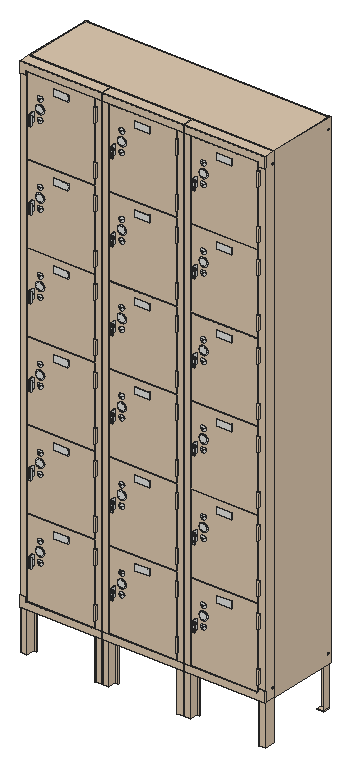
Revit family "Metal_Vented_Lockers-Salsbury_Industries-75000_76000_Series-3_Wide_Units", category Specialty Equipment, Revit 2022
Family settings
  Round Connector Dimension = Use Diameter
  Part Type = Normal
  OmniClass Number = 23.40.00.00
  OmniClass Title = Equipment and Furnishings
  Work Plane-Based = No
  Always vertical = Yes
  Cut with Voids When Loaded = No
  Maintain Annotation Orientation = No
  Shared = No
  Room Calculation Point = No
Parameters (values of type "76362 - with Standard 6" High Legs")
  Zee Base Corner - Right Side [instance] = Metal Locker Zee Base Corner : None
  Zee Base Corner - Left Side [instance] = Metal Locker Zee Base Corner : None
  Zee Base - Right Side [instance] = Metal Locker Zee Base-Right Side : None
  Zee Base - Left Side [instance] = Metal Locker Zee Base-Left Side : None
  Zee Base = Metal Locker Zee Base - 3 Wide : None
  Width = 36.040"
  Version = "2.0 (01/30/18)"
  Vent Offset = if(Depth = 12.010", 3.250", if(Depth = 15.010", 3.500", if(Depth = 18.010", 3.750", 0.000")))  # 3.250"
  Vent Configuration Height = Vents : 6 foot high vents
  Vent Array Spacing = 1.187"
  Vent Array 2 = if(Depth = 12.010", 5, if(Depth = 15.010", 7, if(Depth = 18.010", 9, 0)))  # 5
  Vent Array 1 = Vent Array 2 + 1  # 6
  Unit Height including Sloping Hood Only [instance] = 78.625"
  Unit Height = 72.000"
  URL = "www.lockers.com"
  Type Comments = "12\" Wide Vented Metal Locker - Box Style Six Tier"
  Total Door(s) Height [instance] = 69.81949"
  Top Row of Doors = yes
  Top Compartment Divider = yes
  Test Data = "https://www.lockers.com/videolibrary/"
  Specification = "https://www.lockers.com/architect-resources//"
  Sloping Top In-Line Filler - Right Side [instance] = Metal Locker Sloping Top Filler : None
  Sloping Top In-Line Filler - Left Side [instance] = Metal Locker Sloping Top Filler : None
  Sloping Top Corner Filler - Right Side [instance] = Metal Locker Sloping Corner Filler : None
  Sloping Top Corner Filler - Left Side [instance] = Metal Locker Sloping Corner Filler : None
  Sloping Hood Height = if(Depth = 12.010", 6.625", if(Depth = 15.010", 8.682", if(Depth = 18.010", 10.739", 0.000")))  # 6.625"
  Sloping Hood [instance] = Metal Locker Sloping Hood : None
  Sales Information = "https://www.lockers.com/request_a_quote/"
  Revision = "R1_2018-10"
  Product Data = "https://www.lockers.com/downloads__catalog/"
  Manufacturer Website = "https://www.lockers.com/"
  Manufacturer Phone - Toll Free = "1-800-562-5377"
  Manufacturer Phone = "(323) 846-6700"
  Manufacturer Fax = "1-800-562-5399"
  Manufacturer Address = "1010 East 62nd Street, Los Angeles, CA 90001-1598"
  Keynote = "10 51 00"
  Installation-Fabrication = "https://www.lockers.com/downloads__installation_instructions/"
  Green Building-LEED = "https://www.arcat.com/green/green_building.shtml"
  Drawn By = ""
  Default Elevation = 0.000"
  Copyright = ""
  Construction Details = "https://www.lockers.com/downloads__catalog/"
  Compartment Divider Height = Individual Door Height - 0.375"  # 11.157"
  Right Side Base [instance] = Metal Locker Right Side Base : None
  Primary Structure Material [instance] = Paint - Salsbury Finish - Tan
  Overall Width including Rivets [instance] = 36.120"
  Unit Height including Base Only [instance] = 78.000"
  Overall Unit Height (including Base and Sloping Hood) [instance] = 84.625"
  OmniClass 23 Title = "Equipment and Furnishings"
  OmniClass 23 Number = "23.40.00.00"
  Model = "76362"
  MasterFormat Title = "Lockers"
  MasterFormat Number = "10 51 13"
  Manufacturer = "Salsbury Industries"
  Left Side Base [instance] = Metal Locker Left Side Base : None
  Individual Door Height = 11.532"
  Hasp Plate Rivet Material = Steel -Salsbury Finish - Polished Steel
  Hasp Handle Material = Plastic - Salsbury Finish - Black
  Front Vertical Filler - Right [instance] = Metal Locker Front Filler : None
  Front Vertical Filler - Left [instance] = Metal Locker Front Filler : None
  Front Base [instance] = Metal Locker Front Base : None
  Flat Top In-Line Filler - Right Side [instance] = Metal Locker Flat Top Filler : None
  Flat Top In-Line Filler - Left Side [instance] = Metal Locker Flat Top Filler : None
  Flat Top Corner Filler - Right Side [instance] = Metal Locker Flat Corner Filler : None
  Flat Top Corner Filler - Left Side [instance] = Metal Locker Flat Corner Filler : None
  Individual Door Width [instance] = 33.90055"
  End Panel - Right Side [instance] = Metal Locker End Panel : None
  End Panel - Left Side [instance] = Metal Locker End Panel : None
  Door Location D1 = Vented Metal Locker Doors-12 inch with Latch Hasps : Six Tier Door - 6 foot
  Description = "3 Wide - 6 Feet High - 12 Inches Deep"
  Depth = 12.010"
  Category = ""
  Building Codes = "https://www.lockers.com/downloads__forms_and_information/"
  Base Height = 6.000"
  Standard Leg Base = Metal Locker Legs - 3 Wide : 6" High - 36" W x 12" D
  Assembly Code = "C1030310"
Reference planes (in)
  plane 1 "Center (Front/Back)": y = 0
  plane 2: z = 0
  plane 3 "Center (Left/Right)": x = 0
  plane 4 "Floor": z = 0
  plane 5 "Bottom of Unit": z = 6
  plane 6 "Top of Unit": z = 78
  plane 7 "Left Side of Unit": x = -18.02
  plane 8 "Right Side of Unit": x = 18.02
  plane 9 "Back of Unit": y = 6.005
  plane 10 "Front of Unit": y = -6.005
  plane 11 "Top of Sloping Hood": z = 84.625
  plane 12 "Left Rivet": x = -18.06
  plane 13 "Right Rivet": x = 18.06
  plane 14 "Right Side of Door Opening": x = 17.02
  plane 15 "Left Side of Door Opening": x = -17.02
  plane 16 "Top of Door Opening": z = 77
  plane 17 "Bottom of Door Opening": z = 7
  plane 18 "Back Edge of Front Facing": y = -4.417
  plane 19 "Front Plate Plane": y = -6.065
  plane 20 "Horizontal Center of Top Rivets": z = 76.5
  plane 21 "Horiz Center of Bottom Rivets": z = 7.5
  plane 22 "Vertical Center of Back Rivets": y = 5.505
  plane 23 "Vertical Center of Front Rivets": y = -4.755
  plane 24 "Right Align Top Filler Overlap": x = 17.435
  plane 25 "Left Align Top Filler Overlap": x = -17.435
  plane 26 "Corner Filler Align-Left": x = -18.08
  plane 27 "Corner Filler Align-Right": x = 18.08
  plane 28 "Right Side of Door": x = 16.95026
  plane 29 "Top of Door 1": z = 76.90976
  plane 30 "Bottom of Bottom Door": z = 7.09027
  plane 31 "Zee Base Offset": x = -17.669
  plane 32: x = 17.669
  plane 33 "Compartment Align 3": z = 19.157
  plane 34: x = -17.96
  plane 35: x = 17.96
  plane 36: x = -17.635
  plane 37: x = 17.635
  plane 38: y = 5.945
  plane 39: y = 5.895
  plane 40: y = 5.145
  plane 41: x = -17.9
  plane 42: x = 17.9
  plane 43: x = -17.095
  plane 44: x = 17.095
  plane 45: z = 77.94
  plane 46: z = 19.097
  plane 47: z = 18.157
  plane 48: z = 6.9204
  plane 49: z = 6.18539
  plane 50: z = 76.40796
  plane 51: z = 7.59204
  plane 52 "Right Side of Center Unit": x = 6.00667
  plane 53 "Left Side of Center Unit": x = -6.00667
  plane 54: x = 6.98167
  plane 55 "Left Side of Door Opening-Right Door": x = 7.00667
  plane 56: x = 5.03167
  plane 57 "Right Side of Door Opening-Center Door": x = 5.00667
  plane 58 "Right Side of Door - Center Door": x = 4.93667
  plane 59: x = -5.03167
  plane 60 "Left Side of Door Opening - Center Door": x = -5.00667
  plane 61: x = -6.98167
  plane 62 "Right Side of Door Opening - Left Door": x = -7.00667
  plane 63 "Right Side of Door - Left Door": x = -7.07667
  plane 64: z = 18.157
  plane 65 "Top of Door Row 3": z = 18.62227
  plane 66 "Bottom of Door Row 2": z = 18.74776
  plane 67 "Top of Door Row 2": z = 30.27976
  plane 68: z = 30.40676
  plane 69 "Compartment Align 2": z = 30.77927
  plane 70: z = 30.71927
  plane 71: z = 29.77927
  plane 72: z = 53.22076
  plane 73: z = 41.93876
  plane 74: z = 42.06376
  plane 75: z = 41.43676
  plane 76: z = 42.37676
  plane 77 "Compartment Align 1": z = 42.43676
  plane 78: z = 70.70625
  plane 79: z = 53.59576
  plane 80: z = 53.72076
  plane 81: z = 65.25276
  plane 82: z = 65.37776
  plane 83: z = 53.09576
  plane 84: z = 54.03576
  plane 85: z = 54.09576
  plane 86: z = 64.75276
  plane 87: z = 65.69276
  plane 88: z = 65.75276
  plane 89: z = 82.36525
  plane 90: z = 94.02225
  plane 91 "Front Vent Align": y = -2.755
  plane 92: y = -2.385
  plane 93: y = -1.791
  plane 94 "Top Vent Align": z = 73.562
  plane 95: z = 72.81
  plane 96: z = 71.97
Forms (in)
  Sweep 1, solid, material "Paint - Salsbury Finish - Tan" <- "Primary Structure Material"
    path origin (0, -6.005, 0) x (1, 0, 0) y (0, 0, 1)
      loop
        line (6.00667, 78) -> (6.00667, 6) -> (18.02, 6) -> (18.02, 78) -> (6.00667, 78)
    profile origin (12.01333, -6.005, 78) x (0, 0, 1) y (0, -1, 0)
      loop
        line (0, 0) -> (-1, 0) -> (-1, -1.588) -> (0, -1.588) -> (0, 0)
  Extrusion 2, solid, material "Paint - Salsbury Finish - Tan" <- "Primary Structure Material"
    sketch origin (0, 0, 6) x (0, -1, 0) y (1, 0, 0)
      loop
        line (4.417, 18.02) -> (-6.005, 18.02) -> (-6.005, 17.635) -> (-5.945, 17.635) -> (-5.945, 17.96) -> (4.417, 17.96) -> (4.417, 18.02)
    from 0 to 72
  Extrusion 3, solid, material "Paint - Salsbury Finish - Tan" <- "Primary Structure Material"
    sketch origin (0, 0, 6) x (0, -1, 0) y (1, 0, 0)
      loop
        line (4.417, -18.02) -> (4.417, -17.96) -> (-5.945, -17.96) -> (-5.945, -17.635) -> (-6.005, -17.635) -> (-6.005, -18.02) -> (4.417, -18.02)
    from 0 to 72
  Extrusion 4, solid, material "Paint - Salsbury Finish - Tan" <- "Primary Structure Material"
    sketch origin (0, 0, 6) x (0, -1, 0) y (1, 0, 0)
      loop
        line (-5.945, -17.96) -> (-5.145, -17.96) -> (-5.145, -17.9) -> (-5.895, -17.9) -> (-5.895, 17.9) -> (-5.145, 17.9) -> (-5.145, 17.96) -> (-5.945, 17.96) -> (-5.945, -17.96)
    from 0 to 72
  Sweep 5, solid, material "Paint - Salsbury Finish - Tan" <- "Primary Structure Material"
    path origin (0, 0, 7) x (0, -1, 0) y (1, 0, 0)
      loop
        line (4.417, -17.96) -> (4.417, 17.96) -> (-5.145, 17.96) -> (-5.145, 17.9) -> (-5.895, 17.9) -> (-5.895, -17.9) -> (-5.145, -17.9) -> (-5.145, -17.96) -> (4.417, -17.96)
    profile origin (-17.96, 0.364, 7) x (-1, 0, 0) y (0, 0, 1)
      loop
        line (0, -0.81461) -> (0, -0.0796) -> (-0.06, -0.0796) -> (-0.06, -0.81461) -> (0, -0.81461)
  Extrusion 6, solid, material "Paint - Salsbury Finish - Tan" <- "Primary Structure Material"
    sketch origin (0, 0, 7) x (0, -1, 0) y (1, 0, 0)
      loop
        line (-5.895, -17.9) -> (-5.145, -17.9) -> (-5.145, -17.96) -> (4.417, -17.96) -> (4.417, 17.96) -> (-5.145, 17.96) -> (-5.145, 17.9) -> (-5.895, 17.9) -> (-5.895, -17.9)
    from -0.0796 to 0
  Extrusion 7, solid, material "Paint - Salsbury Finish - Tan" <- "Primary Structure Material"
    sketch origin (0, 0, 78) x (0, -1, 0) y (1, 0, 0)
      loop
        line (-5.895, -17.9) -> (-5.145, -17.9) -> (-5.145, -17.96) -> (4.417, -17.96) -> (4.417, 17.96) -> (-5.145, 17.96) -> (-5.145, 17.9) -> (-5.895, 17.9) -> (-5.895, -17.9)
    from -0.06 to 0
  Extrusion 8, solid, material "Paint - Salsbury Finish - Tan" <- "Primary Structure Material"
    sketch origin (0, -6.065, 0) x (0, 0, -1) y (1, 0, 0)
      loop
        line (-78, -18.02) -> (-76.47656, -18.02)
        arc (-76.47656, -18.02) -> (-76.42806, -17.99991) -> (-76.40796, -17.9514) r 0.0686
        line (-76.40796, -17.9514) -> (-76.40796, -17.16351)
        arc (-76.40796, -17.16351) -> (-76.42809, -17.11506) -> (-76.47656, -17.095) r 0.0686
        line (-76.47656, -17.095) -> (-77, -17.095) -> (-77, 17.095) -> (-76.47656, 17.095)
        arc (-76.47656, 17.095) -> (-76.42809, 17.11506) -> (-76.40796, 17.16351) r 0.0686
        line (-76.40796, 17.16351) -> (-76.40796, 17.9514)
        arc (-76.40796, 17.9514) -> (-76.42806, 17.99991) -> (-76.47656, 18.02) r 0.0686
        line (-76.47656, 18.02) -> (-78, 18.02) -> (-78, -18.02)
    from -0.06 to 0
  Extrusion 9, solid, material "Paint - Salsbury Finish - Tan" <- "Primary Structure Material"
    sketch origin (0, -6.065, 84) x (0, 0, 1) y (-1, 0, 0)
      loop
        line (-78, 18.02) -> (-78, -18.02) -> (-76.47656, -18.02)
        arc (-76.47656, -18.02) -> (-76.42806, -17.99991) -> (-76.40796, -17.9514) r 0.0686
        line (-76.40796, -17.9514) -> (-76.40796, -17.16351)
        arc (-76.40796, -17.16351) -> (-76.42809, -17.11506) -> (-76.47656, -17.095) r 0.0686
        line (-76.47656, -17.095) -> (-77, -17.095) -> (-77, 17.095) -> (-76.47656, 17.095)
        arc (-76.47656, 17.095) -> (-76.42809, 17.11506) -> (-76.40796, 17.16351) r 0.0686
        line (-76.40796, 17.16351) -> (-76.40796, 17.9514)
        arc (-76.40796, 17.9514) -> (-76.42806, 17.99991) -> (-76.47656, 18.02) r 0.0686
        line (-76.47656, 18.02) -> (-78, 18.02)
    from -0.06 to 0
  Blend 10, solid, material "Steel -Salsbury Finish - Polished Steel" <- "Hasp Plate Rivet Material"
    base sketch origin (18.02, 0, 0) x (0, 0, -1) y (0, -1, 0)
      loop
        circle (-76.5, 4.755) r 0.187
    top sketch origin (18.02, 0, 0) x (0, 0, -1) y (0, -1, 0)
      loop
        circle (-76.5, 4.755) r 0.05319
    from 0 to -0.04
  Blend 11, solid, material "Steel -Salsbury Finish - Polished Steel" <- "Hasp Plate Rivet Material"
    base sketch origin (18.02, 0, -69) x (0, 0, -1) y (0, -1, 0)
      loop
        circle (-76.5, 4.755) r 0.187
    top sketch origin (18.02, 0, -69) x (0, 0, -1) y (0, -1, 0)
      loop
        circle (-76.5, 4.755) r 0.05319
    from 0 to -0.04
  Blend 12, solid, material "Steel -Salsbury Finish - Polished Steel" <- "Hasp Plate Rivet Material"
    base sketch origin (18.02, 10.26, -69) x (0, 0, -1) y (0, -1, 0)
      loop
        circle (-76.5, 4.755) r 0.187
    top sketch origin (18.02, 10.26, -69) x (0, 0, -1) y (0, -1, 0)
      loop
        circle (-76.5, 4.755) r 0.05319
    from 0 to -0.04
  Blend 13, solid, material "Steel -Salsbury Finish - Polished Steel" <- "Hasp Plate Rivet Material"
    base sketch origin (18.02, 10.26, 0.0043) x (0, 0, -1) y (0, -1, 0)
      loop
        circle (-76.5, 4.755) r 0.187
    top sketch origin (18.02, 10.26, 0.0043) x (0, 0, -1) y (0, -1, 0)
      loop
        circle (-76.5, 4.755) r 0.05319
    from 0 to -0.04
  Blend 14, solid, material "Steel -Salsbury Finish - Polished Steel" <- "Hasp Plate Rivet Material"
    base sketch origin (-6.02, 0, -69) x (0, 0, -1) y (0, 1, 0)
      loop
        circle (-76.5, -4.755) r 0.187
    top sketch origin (-6.02, 0, -69) x (0, 0, -1) y (0, 1, 0)
      loop
        circle (-76.5, -4.755) r 0.05319
    from -12 to -12.04
  Blend 15, solid, material "Steel -Salsbury Finish - Polished Steel" <- "Hasp Plate Rivet Material"
    base sketch origin (-6.02, 10.26, -69) x (0, 0, -1) y (0, 1, 0)
      loop
        circle (-76.5, -4.755) r 0.187
    top sketch origin (-6.02, 10.26, -69) x (0, 0, -1) y (0, 1, 0)
      loop
        circle (-76.5, -4.755) r 0.05319
    from -12 to -12.04
  Blend 16, solid, material "Steel -Salsbury Finish - Polished Steel" <- "Hasp Plate Rivet Material"
    base sketch origin (-6.02, 0, 0) x (0, 0, -1) y (0, 1, 0)
      loop
        circle (-76.5, -4.755) r 0.187
    top sketch origin (-6.02, 0, 0) x (0, 0, -1) y (0, 1, 0)
      loop
        circle (-76.5, -4.755) r 0.05319
    from -12 to -12.04
  Blend 17, solid, material "Steel -Salsbury Finish - Polished Steel" <- "Hasp Plate Rivet Material"
    base sketch origin (-6.02, 10.26, 0.00039) x (0, 0, -1) y (0, 1, 0)
      loop
        circle (-76.5, -4.755) r 0.187
    top sketch origin (-6.02, 10.26, 0.00039) x (0, 0, -1) y (0, 1, 0)
      loop
        circle (-76.5, -4.755) r 0.05319
    from -12 to -12.04
  Extrusion 18, solid, material "Paint - Salsbury Finish - Tan" <- "Primary Structure Material"
    sketch origin (0, 0, 19.157) x (0, -1, 0) y (1, 0, 0)
      loop
        line (-5.945, -17.9) -> (-5.145, -17.9) -> (-5.145, -17.96) -> (4.417, -17.96) -> (4.417, 17.96) -> (-5.145, 17.96) -> (-5.145, 17.9) -> (-5.945, 17.9) -> (-5.945, -17.9)
    from -0.06 to 0
  Sweep 19, solid, material "Paint - Salsbury Finish - Tan" <- "Primary Structure Material"
    path origin (0, 0, 19.157) x (0, -1, 0) y (1, 0, 0)
      loop
        line (4.417, -17.96) -> (4.417, 17.96) -> (-5.145, 17.96) -> (-5.145, 17.9) -> (-5.945, 17.9) -> (-5.945, -17.9) -> (-5.145, -17.9) -> (-5.145, -17.96) -> (4.417, -17.96)
    profile origin (-17.96, 0.364, 19.157) x (-1, 0, 0) y (0, 0, 1)
      loop
        line (0, -1) -> (0, -0.06) -> (-0.06, -0.06) -> (-0.06, -1) -> (0, -1)
  Sweep 20, solid, material "Paint - Salsbury Finish - Tan" <- "Primary Structure Material"
    path origin (-12.01333, -6.005, 0) x (1, 0, 0) y (0, 0, 1)
      loop
        line (6.00667, 78) -> (6.00667, 6) -> (18.02, 6) -> (18.02, 78) -> (6.00667, 78)
    profile origin (0, -6.005, 78) x (0, 0, 1) y (0, -1, 0)
      loop
        line (0, 0) -> (-1, 0) -> (-1, -1.588) -> (0, -1.588) -> (0, 0)
  Sweep 21, solid, material "Paint - Salsbury Finish - Tan" <- "Primary Structure Material"
    path origin (-24.02667, -6.005, 0) x (1, 0, 0) y (0, 0, 1)
      loop
        line (6.00667, 78) -> (6.00667, 6) -> (18.02, 6) -> (18.02, 78) -> (6.00667, 78)
    profile origin (-12.01333, -6.005, 78) x (0, 0, 1) y (0, -1, 0)
      loop
        line (0, 0) -> (-1, 0) -> (-1, -1.588) -> (0, -1.588) -> (0, 0)
  Extrusion 22, solid, material "Paint - Salsbury Finish - Tan" <- "Primary Structure Material"
    sketch origin (0, 0, 30.77927) x (0, -1, 0) y (1, 0, 0)
      loop
        line (-5.945, -17.9) -> (-5.145, -17.9) -> (-5.145, -17.96) -> (4.417, -17.96) -> (4.417, 17.96) -> (-5.145, 17.96) -> (-5.145, 17.9) -> (-5.945, 17.9) -> (-5.945, -17.9)
    from -0.06 to 0
  Sweep 23, solid, material "Paint - Salsbury Finish - Tan" <- "Primary Structure Material"
    path origin (0, 0, 30.77927) x (0, -1, 0) y (1, 0, 0)
      loop
        line (4.417, -17.96) -> (4.417, 17.96) -> (-5.145, 17.96) -> (-5.145, 17.9) -> (-5.945, 17.9) -> (-5.945, -17.9) -> (-5.145, -17.9) -> (-5.145, -17.96) -> (4.417, -17.96)
    profile origin (-17.96, 0.364, 30.77927) x (-1, 0, 0) y (0, 0, 1)
      loop
        line (0, -1) -> (0, -0.06) -> (-0.06, -0.06) -> (-0.06, -1) -> (0, -1)
  Extrusion 24, solid, material "Paint - Salsbury Finish - Tan" <- "Primary Structure Material"
    sketch origin (0, 0, 42.43676) x (0, -1, 0) y (1, 0, 0)
      loop
        line (-5.945, -17.9) -> (-5.145, -17.9) -> (-5.145, -17.96) -> (4.417, -17.96) -> (4.417, 17.96) -> (-5.145, 17.96) -> (-5.145, 17.9) -> (-5.945, 17.9) -> (-5.945, -17.9)
    from -0.06 to 0
  Sweep 25, solid, material "Paint - Salsbury Finish - Tan" <- "Primary Structure Material"
    path origin (0, 0, 42.43676) x (0, -1, 0) y (1, 0, 0)
      loop
        line (4.417, -17.96) -> (4.417, 17.96) -> (-5.145, 17.96) -> (-5.145, 17.9) -> (-5.945, 17.9) -> (-5.945, -17.9) -> (-5.145, -17.9) -> (-5.145, -17.96) -> (4.417, -17.96)
    profile origin (-17.96, 0.364, 42.43676) x (-1, 0, 0) y (0, 0, 1)
      loop
        line (0, -1) -> (0, -0.06) -> (-0.06, -0.06) -> (-0.06, -1) -> (0, -1)
  Extrusion 26, solid, material "Paint - Salsbury Finish - Tan" <- "Primary Structure Material"
    sketch origin (0, 0, 54.09576) x (0, -1, 0) y (1, 0, 0)
      loop
        line (-5.945, -17.9) -> (-5.145, -17.9) -> (-5.145, -17.96) -> (4.417, -17.96) -> (4.417, 17.96) -> (-5.145, 17.96) -> (-5.145, 17.9) -> (-5.945, 17.9) -> (-5.945, -17.9)
    from -0.06 to 0
  Sweep 27, solid, material "Paint - Salsbury Finish - Tan" <- "Primary Structure Material"
    path origin (0, 0, 54.09576) x (0, -1, 0) y (1, 0, 0)
      loop
        line (4.417, -17.96) -> (4.417, 17.96) -> (-5.145, 17.96) -> (-5.145, 17.9) -> (-5.945, 17.9) -> (-5.945, -17.9) -> (-5.145, -17.9) -> (-5.145, -17.96) -> (4.417, -17.96)
    profile origin (-17.96, 0.364, 54.09576) x (-1, 0, 0) y (0, 0, 1)
      loop
        line (0, -1) -> (0, -0.06) -> (-0.06, -0.06) -> (-0.06, -1) -> (0, -1)
  Extrusion 28, solid, material "Paint - Salsbury Finish - Tan" <- "Primary Structure Material", visible <- "Top Compartment Divider"
    sketch origin (0, 0, 65.75276) x (0, -1, 0) y (1, 0, 0)
      loop
        line (-5.945, -17.9) -> (-5.145, -17.9) -> (-5.145, -17.96) -> (4.417, -17.96) -> (4.417, 17.96) -> (-5.145, 17.96) -> (-5.145, 17.9) -> (-5.945, 17.9) -> (-5.945, -17.9)
    from -0.06 to 0
  Sweep 29, solid, material "Paint - Salsbury Finish - Tan" <- "Primary Structure Material", visible <- "Top Compartment Divider"
    path origin (0, 0, 65.75276) x (0, -1, 0) y (1, 0, 0)
      loop
        line (4.417, -17.96) -> (4.417, 17.96) -> (-5.145, 17.96) -> (-5.145, 17.9) -> (-5.945, 17.9) -> (-5.945, -17.9) -> (-5.145, -17.9) -> (-5.145, -17.96) -> (4.417, -17.96)
    profile origin (-17.96, 0.364, 65.75276) x (-1, 0, 0) y (0, 0, 1)
      loop
        line (0, -1) -> (0, -0.06) -> (-0.06, -0.06) -> (-0.06, -1) -> (0, -1)
Lines and regions (in)
  reference lines
    curve 1: line (-41.59242, -6.065, 78) -> (48.15758, -6.065, 78)
  symbolic lines
    curve 2: line (-18.02, 6.005, 78) -> (18.02, 6.005, 78)
    curve 3: line (-18.02, -6.065, 78) -> (-18.02, 6.005, 78)
    curve 4: line (18.02, -6.065, 78) -> (-18.02, -6.065, 78)
    curve 5: line (18.02, 6.005, 78) -> (18.02, -6.065, 78)
    curve 6: line (-18.06, -4.80819, 78) -> (-18.02, -4.91809, 78)
    curve 7: line (-18.02, -4.58043, 78) -> (-18.06, -4.70181, 78)
    curve 8: line (-18.06, -4.80819, 78) -> (-18.06, -4.70181, 78)
    curve 9: line (-18.06, 5.45181, 78) -> (-18.02, 5.31077, 78)
    curve 10: line (-18.06, 5.55819, 78) -> (-18.02, 5.68474, 78)
    curve 11: line (-18.06, 5.55819, 78) -> (-18.06, 5.45181, 78)
    curve 12: line (18.06, 5.55819, 78) -> (18.02, 5.70747, 78)
    curve 13: line (18.06, 5.45181, 78) -> (18.02, 5.3179, 78)
    curve 14: line (18.06, 5.55819, 78) -> (18.06, 5.45181, 78)
    curve 15: line (18.06, -4.70181, 78) -> (18.02, -4.57098, 78)
    curve 16: line (18.06, -4.80819, 78) -> (18.02, -4.94769, 78)
    curve 17: line (18.06, -4.70181, 78) -> (18.06, -4.80819, 78)
  model lines
    curve 18: line (6.00667, 6.005, 6) -> (6.00667, 6.005, 78)
    curve 19: line (-6.00667, 6.005, 6) -> (-6.00667, 6.005, 78)
    curve 20: line (-6.00667, 5.945, 78) -> (-6.00667, -6.065, 78)
    curve 21: line (6.00667, 5.945, 78) -> (6.00667, -6.065, 78)
Dimensions and locks (in)
  equal spacing: plane 7 "Left Side of Unit", plane 53 "Left Side of Center Unit", plane 52 "Right Side of Center Unit", plane 8 "Right Side of Unit"
  "Width": plane 7 "Left Side of Unit" to plane 8 "Right Side of Unit"
  "Base Height": plane 5 "Bottom of Unit" to plane 4 "Floor"
  "Unit Height": plane 6 "Top of Unit" to plane 5 "Bottom of Unit"
  "Unit Height including Base Only": plane 6 "Top of Unit" to plane 4 "Floor"
  equal spacing: plane 10 "Front of Unit", plane 1 "Center (Front/Back)", plane 9 "Back of Unit"
  "Depth": plane 10 "Front of Unit" to plane 9 "Back of Unit"
  "Sloping Hood Height": plane 11 "Top of Sloping Hood" to plane 6 "Top of Unit"
  "Overall Unit Height (including Base and Sloping Hood)": plane 11 "Top of Sloping Hood" to plane 4 "Floor"
  locked: plane 12 "Left Rivet" to plane 7 "Left Side of Unit" at 0.04
  locked: plane 8 "Right Side of Unit" to plane 13 "Right Rivet" at 0.04
  "Overall Width including Rivets": plane 12 "Left Rivet" to plane 13 "Right Rivet"
  plane 6 "Top of Unit" to plane 16 "Top of Door Opening" to plane 29 "Top of Door 1" to plane 50 = 1.000" locked, 0.09024", 0.5018"
  plane 51 to plane 30 "Bottom of Bottom Door" to plane 17 "Bottom of Door Opening" to plane 5 "Bottom of Unit" = 0.50177", 0.09027", 1.000" locked
  locked: plane 7 "Left Side of Unit" to plane 15 "Left Side of Door Opening" at 1
  plane 28 "Right Side of Door" to plane 14 "Right Side of Door Opening" to plane 8 "Right Side of Unit" = 0.06974", 1.000" locked
  plane 19 "Front Plate Plane" to plane 10 "Front of Unit" to plane 18 "Back Edge of Front Facing" = 0.060" locked, 1.588" locked
  "Unit Height including Sloping Hood Only": plane 11 "Top of Sloping Hood" to plane 5 "Bottom of Unit"
  locked: plane 20 "Horizontal Center of Top Rivets" to plane 6 "Top of Unit" at 1.5
  locked: plane 5 "Bottom of Unit" to plane 21 "Horiz Center of Bottom Rivets" at 1.5
  locked: plane 22 "Vertical Center of Back Rivets" to plane 9 "Back of Unit" at 0.5
  locked: plane 10 "Front of Unit" to plane 23 "Vertical Center of Front Rivets" at 1.25
  locked: plane 24 "Right Align Top Filler Overlap" to plane 13 "Right Rivet" at 0.625
  locked: plane 12 "Left Rivet" to plane 25 "Left Align Top Filler Overlap" at 0.625
  locked: plane 8 "Right Side of Unit" to plane 27 "Corner Filler Align-Right" at 0.06
  locked: plane 26 "Corner Filler Align-Left" to plane 7 "Left Side of Unit" at 0.06
  "Total Door(s) Height": plane 29 "Top of Door 1" to plane 30 "Bottom of Bottom Door"
  plane 7 "Left Side of Unit" to plane 31 "Zee Base Offset" = 0.351"
  plane 32 to plane 8 "Right Side of Unit" = 0.351"
  plane 33 "Compartment Align 3" to plane 46 to plane 64 = 0.060" locked, 0.940" locked
  plane 7 "Left Side of Unit" to plane 34 to plane 41 to plane 36 = 0.060" locked, 0.060" locked, 0.265" locked
  plane 37 to plane 42 to plane 35 to plane 8 "Right Side of Unit" = 0.265" locked, 0.060", 0.060"
  plane 40 to plane 39 to plane 38 to plane 9 "Back of Unit" = 0.750" locked, 0.050", 0.060"
  locked: plane 7 "Left Side of Unit" to plane 43 at 0.925
  locked: plane 44 to plane 8 "Right Side of Unit" at 0.925
  locked: plane 6 "Top of Unit" to plane 45 at 0.06
  plane 46 to plane 47 = 0.940"
  locked: plane 17 "Bottom of Door Opening" to plane 48 at 0.0796
  plane 48 to plane 49 = 0.73501"
  plane 58 "Right Side of Door - Center Door" to plane 57 "Right Side of Door Opening-Center Door" to plane 56 to plane 52 "Right Side of Center Unit" to plane 54 to plane 55 "Left Side of Door Opening-Right Door" = 0.070", 0.025", 0.975", 0.975", 0.025"
  plane 63 "Right Side of Door - Left Door" to plane 62 "Right Side of Door Opening - Left Door" to plane 61 to plane 53 "Left Side of Center Unit" to plane 59 to plane 60 "Left Side of Door Opening - Center Door" = 0.070", 0.025", 0.975", 0.975", 0.025"
  "Individual Door Height": plane 65 "Top of Door Row 3" to plane 30 "Bottom of Bottom Door"
  "Compartment Divider Height": plane 64 to plane 17 "Bottom of Door Opening"
  locked: plane 66 "Bottom of Door Row 2" to plane 65 "Top of Door Row 3" at 0.12549
  "Individual Door Height": plane 67 "Top of Door Row 2" to plane 66 "Bottom of Door Row 2"
  locked: plane 68 to plane 67 "Top of Door Row 2" at 0.127
  plane 69 "Compartment Align 2" to plane 70 to plane 71 = 0.060" locked, 0.940" locked
  "Compartment Divider Height": plane 71 to plane 65 "Top of Door Row 3"
  "Individual Door Height": plane 73 to plane 68
  locked: plane 74 to plane 73 at 0.125
  "Compartment Divider Height": plane 75 to plane 67 "Top of Door Row 2"
  plane 77 "Compartment Align 1" to plane 76 to plane 75 = 0.060" locked, 0.940" locked
  locked: plane 80 to plane 79 at 0.125
  locked: plane 82 to plane 81 at 0.125
  "Individual Door Height": plane 79 to plane 74
  "Individual Door Height": plane 81 to plane 80
  "Compartment Divider Height": plane 83 to plane 73
  "Compartment Divider Height": plane 86 to plane 79
  plane 85 to plane 84 to plane 83 = 0.060" locked, 0.940" locked
  plane 88 to plane 87 to plane 86 = 0.060" locked, 0.940" locked
  "Vent Offset": plane 10 "Front of Unit" to plane 91 "Front Vent Align"
  plane 91 "Front Vent Align" to plane 92 to plane 93 = 0.370" locked, 0.594" locked
  plane 94 "Top Vent Align" to plane 6 "Top of Unit" = 4.438"
  plane 96 to plane 95 to plane 94 "Top Vent Align" = 0.840", 0.752"
  equal spacing: group 1, group 2, group 3, group 4, group 5, group 6  (x3)
  equal spacing: group 7, group 8, group 9, group 10, group 11  (x3)
  "Vent Array Spacing": nested 41 to nested 43
  "Vent Array Spacing": nested 42 to nested 48
  equal spacing: group 12, group 13, group 14, group 15, group 16, group 17  (x3)
  equal spacing: group 18, group 19, group 20, group 21, group 22  (x3)
  "Vent Array Spacing": nested 54 to nested 52
  "Vent Array Spacing": nested 59 to nested 53
  aligned and locked: level to plane 2
  aligned and locked: Extrusion 2 to plane 6 "Top of Unit"
  aligned and locked: Extrusion 3 to plane 6 "Top of Unit"
  aligned and locked: Extrusion 4 to plane 6 "Top of Unit"
  aligned and locked: Extrusion 8 to plane 10 "Front of Unit"
  aligned and locked: Extrusion 9 to plane 10 "Front of Unit"
  aligned and locked: Extrusion 6 to plane 17 "Bottom of Door Opening"
  aligned and locked: plane 4 "Floor" to nested 2
  aligned and locked: plane 5 "Bottom of Unit" to Extrusion 9
  aligned and locked: plane 8 "Right Side of Unit" to nested 6
  aligned and locked: plane 7 "Left Side of Unit" to nested 7
  aligned and locked: Blend 10 to plane 13 "Right Rivet"
  aligned and locked: plane 8 "Right Side of Unit" to Blend 10
  aligned and locked: Blend 15 to plane 7 "Left Side of Unit"
  aligned and locked: Blend 14 to plane 7 "Left Side of Unit"  (x2)
  aligned and locked: plane 12 "Left Rivet" to Blend 14
  aligned and locked: plane 12 "Left Rivet" to Blend 15
  aligned and locked: Blend 14 to plane 12 "Left Rivet"
  aligned and locked: Blend 17 to plane 7 "Left Side of Unit"
  aligned and locked: plane 12 "Left Rivet" to Blend 17
  aligned and locked: Blend 16 to plane 7 "Left Side of Unit"
  aligned and locked: plane 12 "Left Rivet" to Blend 16
  aligned and locked: plane 5 "Bottom of Unit" to nested 10
  aligned and locked: plane 13 "Right Rivet" to nested 10
  aligned and locked: plane 12 "Left Rivet" to nested 11
  aligned and locked: nested 11 to plane 10 "Front of Unit"
  aligned and locked: plane 13 "Right Rivet" to nested 12
  aligned and locked: plane 10 "Front of Unit" to nested 12
  aligned and locked: plane 6 "Top of Unit" to nested 12
  aligned and locked: plane 12 "Left Rivet" to nested 13
  aligned and locked: plane 10 "Front of Unit" to nested 13
  aligned and locked: plane 6 "Top of Unit" to nested 13
  aligned and locked: plane 6 "Top of Unit" to nested 14
  aligned and locked: nested 14 to plane 19 "Front Plate Plane"
  aligned and locked: nested 14 to plane 24 "Right Align Top Filler Overlap"
  aligned and locked: nested 15 to plane 25 "Left Align Top Filler Overlap"
  aligned and locked: nested 15 to plane 19 "Front Plate Plane"
  aligned and locked: nested 10 to nested 15
  aligned and locked: plane 19 "Front Plate Plane" to nested 16
  aligned and locked: plane 6 "Top of Unit" to nested 16
  aligned and locked: nested 17 to plane 6 "Top of Unit"
  aligned and locked: nested 17 to plane 19 "Front Plate Plane"
  aligned and locked: nested 18 to plane 24 "Right Align Top Filler Overlap"
  aligned and locked: nested 18 to plane 19 "Front Plate Plane"
  aligned and locked: plane 16 "Top of Door Opening" to nested 18
  aligned and locked: nested 19 to plane 16 "Top of Door Opening"
  aligned and locked: nested 19 to plane 25 "Left Align Top Filler Overlap"
  aligned and locked: nested 19 to plane 19 "Front Plate Plane"
  aligned and locked: nested 11 to plane 6 "Top of Unit"
  aligned and locked: plane 10 "Front of Unit" to nested 10
  aligned and locked: plane 10 "Front of Unit" to nested 22
  aligned and locked: plane 10 "Front of Unit" to nested 1
  aligned and locked: plane 10 "Front of Unit" to nested 2
  aligned and locked: plane 7 "Left Side of Unit" to nested 17
  aligned and locked: plane 31 "Zee Base Offset" to nested 9
  aligned and locked: plane 18 "Back Edge of Front Facing" to nested 9
  aligned and locked: nested 8 to plane 18 "Back Edge of Front Facing"
  aligned and locked: plane 32 to nested 8
  aligned and locked: nested 21 to curve 1
  aligned and locked: nested 20 to curve 1
  aligned and locked: Sweep 19 sketch curve to Extrusion 18
  aligned and locked: plane 7 "Left Side of Unit" to Extrusion 3
  aligned and locked: Extrusion 3 to plane 9 "Back of Unit"
  aligned and locked: Extrusion 2 to plane 8 "Right Side of Unit"
  aligned and locked: Extrusion 2 to plane 9 "Back of Unit"
  aligned and locked: plane 18 "Back Edge of Front Facing" to Extrusion 3
  aligned and locked: plane 18 "Back Edge of Front Facing" to Extrusion 2
  aligned and locked: plane 34 to Extrusion 3
  aligned and locked: plane 35 to Extrusion 2
  aligned and locked: plane 36 to Extrusion 3
  aligned and locked: plane 37 to Extrusion 2
  aligned and locked: Extrusion 3 to plane 38
  aligned and locked: plane 38 to Extrusion 2
  aligned and locked: Extrusion 4 to plane 38
  aligned and locked: Extrusion 4 to plane 39
  aligned and locked: plane 34 to Extrusion 4
  aligned and locked: plane 40 to Extrusion 4  (x2)
  aligned and locked: plane 41 to Extrusion 4
  aligned and locked: plane 42 to Extrusion 4
  aligned and locked: Extrusion 7 to plane 39
  aligned and locked: plane 41 to Extrusion 7
  aligned and locked: plane 34 to Extrusion 7  (x2)
  aligned and locked: Extrusion 7 to plane 40  (x2)
  aligned and locked: Extrusion 7 to plane 42
  aligned and locked: Extrusion 7 to plane 35  (x2)
  aligned and locked: plane 18 "Back Edge of Front Facing" to Extrusion 7
  aligned and locked: plane 18 "Back Edge of Front Facing" to Extrusion 6
  aligned and locked: Extrusion 6 to plane 39
  aligned and locked: Extrusion 6 to plane 42
  aligned and locked: Extrusion 6 to plane 40  (x2)
  aligned and locked: Extrusion 6 to plane 35
  aligned and locked: plane 41 to Extrusion 6
  aligned and locked: plane 34 to Extrusion 6
  aligned and locked: Sweep 5 to plane 39
  aligned and locked: Sweep 5 to plane 40  (x2)
  aligned and locked: Sweep 5 to plane 42
  aligned and locked: Sweep 5 to plane 35
  aligned and locked: plane 18 "Back Edge of Front Facing" to Sweep 5
  aligned and locked: plane 34 to Sweep 5
  aligned and locked: plane 41 to Sweep 5
  aligned and locked: Sweep 5 sketch curve to plane 41
  aligned and locked: Sweep 5 sketch curve to plane 39
  aligned and locked: plane 40 to Sweep 5 sketch curve  (x2)
  aligned and locked: Sweep 5 sketch curve to plane 34  (x2)
  aligned and locked: plane 42 to Sweep 5 sketch curve
  aligned and locked: plane 35 to Sweep 5 sketch curve
  aligned and locked: Sweep 5 sketch curve to plane 18 "Back Edge of Front Facing"
  aligned and locked: Extrusion 18 to plane 42
  aligned and locked: Extrusion 18 to plane 40  (x2)
  aligned and locked: Extrusion 18 to plane 35
  aligned and locked: plane 18 "Back Edge of Front Facing" to Extrusion 18
  aligned and locked: plane 34 to Extrusion 18
  aligned and locked: plane 41 to Extrusion 18
  aligned and locked: plane 42 to Sweep 19 sketch curve
  aligned and locked: plane 40 to Sweep 19 sketch curve  (x2)
  aligned and locked: plane 35 to Sweep 19 sketch curve
  aligned and locked: Sweep 19 sketch curve to plane 18 "Back Edge of Front Facing"
  aligned and locked: Sweep 19 sketch curve to plane 34  (x2)
  aligned and locked: Sweep 19 sketch curve to plane 41
  aligned and locked: plane 6 "Top of Unit" to Sweep 1 sketch curve  (x2)
  aligned and locked: plane 8 "Right Side of Unit" to Sweep 1 sketch curve
  aligned and locked: Sweep 1 sketch curve to plane 5 "Bottom of Unit"
  aligned and locked: plane 10 "Front of Unit" to Sweep 1
  aligned and locked: Extrusion 8 to plane 19 "Front Plate Plane"
  aligned and locked: plane 10 "Front of Unit" to Extrusion 8
  aligned and locked: Extrusion 8 to plane 8 "Right Side of Unit"
  aligned and locked: plane 7 "Left Side of Unit" to Extrusion 8
  aligned and locked: plane 7 "Left Side of Unit" to Extrusion 9
  aligned and locked: plane 19 "Front Plate Plane" to Extrusion 9
  aligned and locked: Extrusion 9 to plane 8 "Right Side of Unit"
  aligned and locked: plane 43 to Extrusion 9
  aligned and locked: plane 44 to Extrusion 9
  aligned and locked: plane 44 to Extrusion 8
  aligned and locked: Extrusion 8 to plane 43
  aligned and locked: plane 28 "Right Side of Door" to nested 22
  aligned and locked: plane 18 "Back Edge of Front Facing" to Sweep 1 sketch curve
  aligned and locked: Sweep 1 sketch curve to plane 16 "Top of Door Opening"
  aligned and locked: Sweep 1 sketch curve to plane 10 "Front of Unit"
  aligned and locked: plane 5 "Bottom of Unit" to Extrusion 4
  aligned and locked: Extrusion 4 to plane 35
  aligned and locked: plane 5 "Bottom of Unit" to Extrusion 3
  aligned and locked: plane 5 "Bottom of Unit" to Extrusion 2
  aligned and locked: Extrusion 7 to plane 6 "Top of Unit"
  aligned and locked: plane 45 to Extrusion 7
  aligned and locked: Extrusion 18 to plane 33 "Compartment Align 3"
  aligned and locked: Extrusion 18 to plane 46
  aligned and locked: plane 41 to Sweep 19 sketch curve
  aligned and locked: plane 47 to Sweep 19 sketch curve
  aligned and locked: Extrusion 6 to plane 48
  aligned and locked: Sweep 5 to plane 48
  aligned and locked: Sweep 5 sketch curve to plane 49
  aligned and locked: Sweep 5 sketch curve to plane 48
  aligned and locked: plane 41 to Sweep 5 sketch curve
  aligned and locked: plane 50 to Extrusion 8
  aligned and locked: Extrusion 8 to plane 50
  aligned and locked: Extrusion 8 to plane 6 "Top of Unit"
  aligned and locked: plane 16 "Top of Door Opening" to Extrusion 8
  aligned and locked: Extrusion 9 to plane 17 "Bottom of Door Opening"
  aligned and locked: plane 51 to Extrusion 9  (x2)
  aligned and locked: plane 4 "Floor" to nested 1
  aligned and locked: Blend 12 to plane 13 "Right Rivet"
  aligned and locked: plane 8 "Right Side of Unit" to Blend 12
  aligned and locked: plane 8 "Right Side of Unit" to Blend 13
  aligned and locked: Blend 13 to plane 13 "Right Rivet"
  aligned and locked: plane 8 "Right Side of Unit" to Blend 11
  aligned and locked: Blend 11 to plane 13 "Right Rivet"
  aligned and locked: nested 21 to curve 3
  aligned and locked: curve 4 to Extrusion 8
  aligned and locked: curve 5 to Extrusion 8
  aligned and locked: curve 8 to Blend 14
  aligned and locked: curve 11 to Blend 15
  aligned and locked: curve 14 to Blend 12
  aligned and locked: curve 17 to Blend 10
  aligned and locked: plane 8 "Right Side of Unit" to nested 20
  aligned and locked: plane 7 "Left Side of Unit" to nested 21
  aligned and locked: Sweep 1 sketch curve to plane 52 "Right Side of Center Unit"
  aligned and locked: plane 6 "Top of Unit" to Sweep 20 sketch curve
  aligned and locked: Sweep 20 sketch curve to plane 5 "Bottom of Unit"
  aligned and locked: Sweep 21 sketch curve to plane 5 "Bottom of Unit"
  aligned and locked: plane 53 "Left Side of Center Unit" to Sweep 21 sketch curve
  aligned and locked: Sweep 21 sketch curve to plane 7 "Left Side of Unit"
  aligned and locked: plane 6 "Top of Unit" to Sweep 21 sketch curve
  aligned and locked: Sweep 20 sketch curve to plane 53 "Left Side of Center Unit"
  aligned and locked: plane 52 "Right Side of Center Unit" to Sweep 20 sketch curve
  aligned and locked: plane 10 "Front of Unit" to nested 24
  aligned and locked: plane 18 "Back Edge of Front Facing" to Sweep 20 sketch curve
  aligned and locked: Sweep 20 sketch curve to plane 16 "Top of Door Opening"
  aligned and locked: profile plane to Sweep 20 sketch curve
  aligned and locked: Sweep 20 sketch curve to profile plane
  aligned and locked: profile plane to Sweep 21 sketch curve
  aligned and locked: plane 18 "Back Edge of Front Facing" to Sweep 21 sketch curve
  aligned and locked: Sweep 21 sketch curve to plane 16 "Top of Door Opening"
  aligned and locked: Sweep 21 sketch curve to profile plane
  aligned and locked: plane 58 "Right Side of Door - Center Door" to nested 23
  aligned and locked: plane 63 "Right Side of Door - Left Door" to nested 24
  aligned and locked: nested 23 to plane 30 "Bottom of Bottom Door"
  aligned and locked: nested 24 to plane 30 "Bottom of Bottom Door"
  aligned and locked: plane 4 "Floor" to nested 5
  aligned and locked: plane 8 "Right Side of Unit" to nested 5
  aligned and locked: plane 9 "Back of Unit" to nested 6
  aligned and locked: plane 9 "Back of Unit" to nested 7
  aligned and locked: plane 52 "Right Side of Center Unit" to curve 18
  aligned and locked: plane 53 "Left Side of Center Unit" to curve 19
  aligned and locked: plane 5 "Bottom of Unit" to curve 19
  aligned and locked: plane 5 "Bottom of Unit" to curve 18
  aligned and locked: plane 6 "Top of Unit" to curve 18
  aligned and locked: plane 6 "Top of Unit" to curve 19
  aligned and locked: curve 20 to Extrusion 4
  aligned and locked: curve 20 to Sweep 21
  aligned and locked: curve 21 to Sweep 20
  aligned and locked: Extrusion 4 to curve 21
  aligned and locked: Extrusion 8 to curve 20
  aligned and locked: plane 6 "Top of Unit" to nested 25
  aligned and locked: plane 19 "Front Plate Plane" to nested 25
  aligned and locked: plane 10 "Front of Unit" to nested 23
  aligned and locked: nested 22 to plane 30 "Bottom of Bottom Door"
  aligned and locked: Sweep 19 to plane 64
  aligned and locked: nested 26 to plane 66 "Bottom of Door Row 2"
  aligned and locked: nested 27 to plane 66 "Bottom of Door Row 2"
  aligned and locked: nested 28 to plane 66 "Bottom of Door Row 2"
  aligned and locked: plane 28 "Right Side of Door" to nested 26
  aligned and locked: plane 58 "Right Side of Door - Center Door" to nested 27
  aligned and locked: plane 63 "Right Side of Door - Left Door" to nested 28
  aligned and locked: plane 10 "Front of Unit" to nested 26
  aligned and locked: plane 10 "Front of Unit" to nested 27
  aligned and locked: plane 10 "Front of Unit" to nested 28
  aligned and locked: plane 68 to nested 29
  aligned and locked: nested 30 to plane 68
  aligned and locked: nested 31 to plane 68
  aligned and locked: Extrusion 22 to Sweep 23 sketch curve
  aligned and locked: plane 70 to Extrusion 22
  aligned and locked: Extrusion 22 to plane 69 "Compartment Align 2"
  aligned and locked: Sweep 23 sketch curve to plane 71
  aligned and locked: plane 28 "Right Side of Door" to nested 29
  aligned and locked: plane 58 "Right Side of Door - Center Door" to nested 30
  aligned and locked: plane 63 "Right Side of Door - Left Door" to nested 31
  aligned and locked: plane 10 "Front of Unit" to nested 29
  aligned and locked: plane 10 "Front of Unit" to nested 30
  aligned and locked: plane 10 "Front of Unit" to nested 31
  aligned and locked: Sweep 23 to Extrusion 22  (x2)
  aligned and locked: plane 18 "Back Edge of Front Facing" to Extrusion 22
  aligned and locked: Extrusion 22 to nested 5  (x2)
  aligned and locked: Extrusion 22 to Sweep 23  (x2)
  aligned and locked: Sweep 23 sketch curve to plane 18 "Back Edge of Front Facing"
  aligned and locked: plane 35 to Sweep 23 sketch curve
  aligned and locked: plane 42 to Sweep 23 sketch curve
  aligned and locked: Sweep 23 sketch curve to plane 34
  aligned and locked: Sweep 23 sketch curve to plane 41
  aligned and locked: Sweep 23 sketch curve to plane 38
  aligned and locked: plane 74 to nested 32
  aligned and locked: nested 33 to plane 74
  aligned and locked: nested 34 to plane 74
  aligned and locked: plane 28 "Right Side of Door" to nested 32
  aligned and locked: plane 58 "Right Side of Door - Center Door" to nested 33
  aligned and locked: plane 63 "Right Side of Door - Left Door" to nested 34
  aligned and locked: plane 10 "Front of Unit" to nested 32
  aligned and locked: plane 10 "Front of Unit" to nested 33
  aligned and locked: plane 10 "Front of Unit" to nested 34
  aligned and locked: Extrusion 24 to Sweep 25 sketch curve
  aligned and locked: Sweep 25 to Extrusion 24  (x2)
  aligned and locked: Extrusion 24 to Sweep 25  (x2)
  aligned and locked: Extrusion 24 to plane 77 "Compartment Align 1"
  aligned and locked: plane 76 to Extrusion 24
  aligned and locked: Extrusion 24 to plane 38
  aligned and locked: plane 18 "Back Edge of Front Facing" to Extrusion 24
  aligned and locked: plane 41 to Extrusion 24
  aligned and locked: Extrusion 24 to plane 42
  aligned and locked: Extrusion 24 to plane 35
  aligned and locked: Sweep 25 sketch curve to plane 34
  aligned and locked: Sweep 25 sketch curve to plane 41
  aligned and locked: Sweep 25 sketch curve to plane 18 "Back Edge of Front Facing"
  aligned and locked: plane 35 to Sweep 25 sketch curve
  aligned and locked: plane 42 to Sweep 25 sketch curve
  aligned and locked: Sweep 25 sketch curve to plane 38
  aligned and locked: Sweep 25 sketch curve to plane 75
  aligned and locked: plane 28 "Right Side of Door" to nested 38
  aligned and locked: plane 58 "Right Side of Door - Center Door" to nested 39
  aligned and locked: plane 63 "Right Side of Door - Left Door" to nested 40
  aligned and locked: nested 35 to plane 80
  aligned and locked: nested 36 to plane 80
  aligned and locked: nested 37 to plane 80
  aligned and locked: nested 38 to plane 82
  aligned and locked: nested 39 to plane 82
  aligned and locked: nested 40 to plane 82
  aligned and locked: plane 28 "Right Side of Door" to nested 35
  aligned and locked: plane 58 "Right Side of Door - Center Door" to nested 36
  aligned and locked: plane 63 "Right Side of Door - Left Door" to nested 37
  aligned and locked: plane 10 "Front of Unit" to nested 38
  aligned and locked: plane 10 "Front of Unit" to nested 35
  aligned and locked: plane 10 "Front of Unit" to nested 39
  aligned and locked: plane 10 "Front of Unit" to nested 36
  aligned and locked: plane 10 "Front of Unit" to nested 37
  aligned and locked: plane 10 "Front of Unit" to nested 40
  aligned and locked: Sweep 27 to Extrusion 26  (x2)
  aligned and locked: Extrusion 26 to Sweep 27  (x2)
  aligned and locked: Sweep 29 to Extrusion 28  (x2)
  aligned and locked: Extrusion 28 to Sweep 29  (x2)
  aligned and locked: Extrusion 26 to plane 85
  aligned and locked: plane 84 to Extrusion 26
  aligned and locked: Extrusion 28 to plane 88
  aligned and locked: plane 87 to Extrusion 28
  aligned and locked: Sweep 29 sketch curve to plane 86
  aligned and locked: plane 87 to Sweep 29 sketch curve
  aligned and locked: plane 84 to Sweep 27 sketch curve
  aligned and locked: Sweep 27 sketch curve to plane 83
  aligned and locked: Extrusion 28 to plane 38
  aligned and locked: plane 41 to Extrusion 28
  aligned and locked: plane 34 to Extrusion 28 sketch curve
  aligned and locked: plane 18 "Back Edge of Front Facing" to Extrusion 28 sketch curve
  aligned and locked: Extrusion 28 sketch curve to plane 35
  aligned and locked: Extrusion 28 sketch curve to plane 42
  aligned and locked: Sweep 29 sketch curve to plane 38
  aligned and locked: Sweep 29 sketch curve to plane 41
  aligned and locked: Sweep 29 sketch curve to plane 34
  aligned and locked: Sweep 29 sketch curve to plane 18 "Back Edge of Front Facing"
  aligned and locked: plane 35 to Sweep 29 sketch curve
  aligned and locked: plane 42 to Sweep 29 sketch curve
  aligned and locked: Extrusion 26 sketch curve to plane 38
  aligned and locked: plane 41 to Extrusion 26 sketch curve
  aligned and locked: plane 34 to Extrusion 26 sketch curve
  aligned and locked: plane 18 "Back Edge of Front Facing" to Extrusion 26 sketch curve
  aligned and locked: Extrusion 26 sketch curve to plane 35
  aligned and locked: Extrusion 26 sketch curve to plane 42
  aligned and locked: Sweep 27 sketch curve to plane 38
  aligned and locked: Sweep 27 sketch curve to plane 41
  aligned and locked: Sweep 27 sketch curve to plane 34
  aligned and locked: Sweep 27 sketch curve to plane 18 "Back Edge of Front Facing"
  aligned and locked: plane 42 to Sweep 27 sketch curve
  aligned and locked: Extrusion 28 sketch curve to plane 38
  aligned and locked: Extrusion 28 sketch curve to plane 40  (x2)
  aligned and locked: plane 40 to Sweep 29 sketch curve  (x2)
  aligned and locked: Extrusion 26 sketch curve to plane 40  (x2)
  aligned and locked: plane 40 to Sweep 27 sketch curve  (x2)
  aligned and locked: Extrusion 24 sketch curve to plane 38
  aligned and locked: Extrusion 24 sketch curve to plane 40  (x2)
  aligned and locked: plane 40 to Sweep 25 sketch curve  (x2)
  aligned and locked: Extrusion 22 sketch curve to plane 38
  aligned and locked: Extrusion 22 sketch curve to plane 40  (x2)
  aligned and locked: plane 40 to Sweep 23 sketch curve  (x2)
  aligned and locked: Extrusion 18 to plane 38
  aligned and locked: Extrusion 18 sketch curve to plane 40  (x2)
  aligned and locked: Sweep 19 sketch curve to plane 38
  aligned and locked: plane 9 "Back of Unit" to curve 2
  aligned and locked: nested 42 to plane 8 "Right Side of Unit"
  aligned and locked: nested 41 to plane 8 "Right Side of Unit"
  aligned and locked: nested 41 to plane 92
  aligned and locked: plane 96 to nested 41
  aligned and locked: nested 42 to plane 93
  aligned and locked: plane 95 to nested 42
  aligned and locked: nested 51 to plane 8 "Right Side of Unit"
  aligned and locked: nested 47 to plane 8 "Right Side of Unit"
  aligned and locked: plane 95 to nested 51
  aligned and locked: plane 96 to nested 47
  aligned and locked: nested 53 to plane 7 "Left Side of Unit"
  aligned and locked: nested 52 to plane 7 "Left Side of Unit"
  aligned and locked: plane 92 to nested 52
  aligned and locked: nested 52 to plane 96
  aligned and locked: plane 93 to nested 53
  aligned and locked: nested 53 to plane 95
  aligned and locked: nested 62 to plane 7 "Left Side of Unit"
  aligned and locked: nested 58 to plane 7 "Left Side of Unit"
  aligned and locked: nested 62 to plane 95
  aligned and locked: nested 58 to plane 96
Automatic sketch dimensions
  Extrusion 2 sketch curve to plane 8 "Right Side of Unit" = 0.000"
  plane 9 "Back of Unit" to Extrusion 2 sketch curve = 0.000"
  Extrusion 2 sketch curve to plane 37 = 0.000"
  plane 38 to Extrusion 2 sketch curve = 0.000"
  plane 18 "Back Edge of Front Facing" to Extrusion 2 sketch curve = 0.000"
  Extrusion 2 sketch curve to plane 35 = 0.000"
  Extrusion 3 sketch curve to plane 7 "Left Side of Unit" = 0.000"
  plane 9 "Back of Unit" to Extrusion 3 sketch curve = 0.000"
  Extrusion 3 sketch curve to plane 36 = 0.000"
  Extrusion 3 sketch curve to plane 38 = 0.000"
  plane 18 "Back Edge of Front Facing" to Extrusion 3 sketch curve = 0.000"
  Extrusion 3 sketch curve to plane 34 = 0.000"
  Extrusion 4 sketch curve to plane 34 = 0.000"
  Extrusion 4 sketch curve to plane 38 = 0.000"
  Extrusion 4 sketch curve to plane 39 = 0.000"
  plane 40 to Extrusion 4 sketch curve = 0.000"
  Extrusion 4 sketch curve to plane 40 = 0.000"
  Extrusion 4 sketch curve to plane 41 = 0.000"
  Extrusion 4 sketch curve to plane 42 = 0.000"
  Extrusion 4 sketch curve to plane 35 = 0.000"
  Extrusion 6 sketch curve to plane 39 = 0.000"
  Extrusion 6 sketch curve to plane 34 = 0.000"
  Extrusion 6 sketch curve to plane 40 = 0.000"
  plane 40 to Extrusion 6 sketch curve = 0.000"
  plane 18 "Back Edge of Front Facing" to Extrusion 6 sketch curve = 0.000"
  Extrusion 6 sketch curve to plane 41 = 0.000"
  Extrusion 6 sketch curve to plane 42 = 0.000"
  Extrusion 6 sketch curve to plane 35 = 0.000"
  Extrusion 7 sketch curve to plane 39 = 0.000"
  Extrusion 7 sketch curve to plane 34 = 0.000"
  Extrusion 7 sketch curve to plane 40 = 0.000"
  plane 40 to Extrusion 7 sketch curve = 0.000"
  plane 18 "Back Edge of Front Facing" to Extrusion 7 sketch curve = 0.000"
  Extrusion 7 sketch curve to plane 41 = 0.000"
  Extrusion 7 sketch curve to plane 42 = 0.000"
  Extrusion 7 sketch curve to plane 35 = 0.000"
  Extrusion 8 sketch curve to plane 6 "Top of Unit" = 0.000"
  Extrusion 8 sketch curve to plane 16 "Top of Door Opening" = 0.000"
  plane 43 to Extrusion 8 sketch curve = 0.000"
  plane 7 "Left Side of Unit" to Extrusion 8 sketch curve = 0.000"
  plane 44 to Extrusion 8 sketch curve = 0.000"
  plane 8 "Right Side of Unit" to Extrusion 8 sketch curve = 0.000"
  Extrusion 8 sketch curve to plane 50 = 0.000"  (x2)
  plane 20 "Horizontal Center of Top Rivets" to Extrusion 8 sketch curve = 0.02344"  (x4)
  Extrusion 8 sketch curve to Extrusion 8 sketch curve = 0.0686"
  Extrusion 8 sketch curve to plane 44 = 0.06851"
  Extrusion 9 sketch curve to plane 5 "Bottom of Unit" = 0.000"
  Extrusion 9 sketch curve to plane 17 "Bottom of Door Opening" = 0.000"
  plane 43 to Extrusion 9 sketch curve = 0.000"
  plane 7 "Left Side of Unit" to Extrusion 9 sketch curve = 0.000"
  plane 44 to Extrusion 9 sketch curve = 0.000"
  plane 8 "Right Side of Unit" to Extrusion 9 sketch curve = 0.000"
  Extrusion 9 sketch curve to plane 51 = 0.000"  (x2)
  plane 21 "Horiz Center of Bottom Rivets" to Extrusion 9 sketch curve = 0.02344"  (x4)
  Extrusion 9 sketch curve to Extrusion 9 sketch curve = 0.0686"
  plane 44 to Extrusion 9 sketch curve = 0.06851"
  plane 20 "Horizontal Center of Top Rivets" to Blend 10 sketch curve = 0.000"  (x2)
  Blend 10 sketch curve to plane 23 "Vertical Center of Front Rivets" = 0.000"  (x2)
  plane 21 "Horiz Center of Bottom Rivets" to Blend 11 sketch curve = 0.000"  (x2)
  Blend 11 sketch curve to plane 23 "Vertical Center of Front Rivets" = 0.000"  (x2)
  plane 21 "Horiz Center of Bottom Rivets" to Blend 12 sketch curve = 0.000"  (x2)
  Blend 12 sketch curve to plane 22 "Vertical Center of Back Rivets" = 0.000"  (x2)
  Blend 13 sketch curve to plane 22 "Vertical Center of Back Rivets" = 0.000"  (x2)
  Blend 13 sketch curve to plane 20 "Horizontal Center of Top Rivets" = 0.0043"  (x2)
  plane 21 "Horiz Center of Bottom Rivets" to Blend 14 sketch curve = 0.000"  (x2)
  Blend 14 sketch curve to plane 23 "Vertical Center of Front Rivets" = 0.000"  (x2)
  plane 21 "Horiz Center of Bottom Rivets" to Blend 15 sketch curve = 0.000"  (x2)
  Blend 15 sketch curve to plane 22 "Vertical Center of Back Rivets" = 0.000"  (x2)
  plane 20 "Horizontal Center of Top Rivets" to Blend 16 sketch curve = 0.000"  (x2)
  Blend 16 sketch curve to plane 23 "Vertical Center of Front Rivets" = 0.000"  (x2)
  Blend 17 sketch curve to plane 22 "Vertical Center of Back Rivets" = 0.000"  (x2)
  Blend 17 sketch curve to plane 20 "Horizontal Center of Top Rivets" = 0.00039"  (x2)
  plane 19 "Front Plate Plane" to curve 1 = 0.000"
  plane 26 "Corner Filler Align-Left" to curve 1 = 23.51242"
  curve 1 to plane 27 "Corner Filler Align-Right" = 30.07758"
  Extrusion 18 sketch curve to plane 39 = 0.050"
  Extrusion 18 sketch curve to plane 34 = 0.000"
  plane 18 "Back Edge of Front Facing" to Extrusion 18 sketch curve = 0.000"
  Extrusion 18 sketch curve to plane 41 = 0.000"
  Extrusion 18 sketch curve to plane 42 = 0.000"
  Extrusion 18 sketch curve to plane 35 = 0.000"
  curve 11 to plane 22 "Vertical Center of Back Rivets" = 0.05319"
  curve 14 to plane 22 "Vertical Center of Back Rivets" = 0.05319"
  plane 22 "Vertical Center of Back Rivets" to curve 13 = 0.05319"
  plane 22 "Vertical Center of Back Rivets" to curve 9 = 0.05319"
  curve 15 to plane 23 "Vertical Center of Front Rivets" = 0.05319"
  curve 8 to plane 23 "Vertical Center of Front Rivets" = 0.05319"
  plane 23 "Vertical Center of Front Rivets" to curve 6 = 0.05319"
  plane 23 "Vertical Center of Front Rivets" to curve 16 = 0.05319"
  curve 12 to curve 12 = 0.14928"
  curve 10 to curve 10 = 0.12655"
  curve 13 to curve 13 = 0.13391"
  curve 9 to curve 9 = 0.14104"
  curve 15 to curve 15 = 0.13083"
  curve 7 to curve 7 = 0.12138"
  curve 6 to curve 6 = 0.1099"
  curve 16 to curve 16 = 0.1395"
  Extrusion 22 sketch curve to plane 34 = 0.000"
  plane 18 "Back Edge of Front Facing" to Extrusion 22 sketch curve = 0.000"
  Extrusion 22 sketch curve to plane 41 = 0.000"
  Extrusion 22 sketch curve to plane 42 = 0.000"
  Extrusion 22 sketch curve to plane 35 = 0.000"
  Sweep 23 sketch curve to profile plane = 0.000"
  profile plane to Sweep 23 sketch curve = 0.060"
  Extrusion 24 sketch curve to plane 34 = 0.000"
  plane 18 "Back Edge of Front Facing" to Extrusion 24 sketch curve = 0.000"
  Extrusion 24 sketch curve to plane 41 = 0.000"
  Extrusion 24 sketch curve to plane 42 = 0.000"
  Extrusion 24 sketch curve to plane 35 = 0.000"
  Sweep 25 sketch curve to profile plane = 0.000"
  profile plane to Sweep 25 sketch curve = 0.060"
  Sweep 27 sketch curve to plane 35 = 0.000"
  Sweep 27 sketch curve to profile plane = 0.000"
  profile plane to Sweep 27 sketch curve = 0.060"
  Sweep 29 sketch curve to profile plane = 0.000"
  profile plane to Sweep 29 sketch curve = 0.060"
  Extrusion 28 sketch curve to plane 41 = 0.000"
  radius of Blend 10 sketch curve = 0.187"
  radius of Blend 10 sketch curve = 0.05319"
  radius of Blend 11 sketch curve = 0.187"
  radius of Blend 11 sketch curve = 0.05319"
  radius of Blend 12 sketch curve = 0.187"
  radius of Blend 12 sketch curve = 0.05319"
  radius of Blend 13 sketch curve = 0.187"
  radius of Blend 13 sketch curve = 0.05319"
  radius of Blend 14 sketch curve = 0.187"
  radius of Blend 14 sketch curve = 0.05319"
  radius of Blend 15 sketch curve = 0.187"
  radius of Blend 15 sketch curve = 0.05319"
  radius of Blend 16 sketch curve = 0.187"
  radius of Blend 16 sketch curve = 0.05319"
  radius of Blend 17 sketch curve = 0.187"
  radius of Blend 17 sketch curve = 0.05319"
Nested families (in)
  nested 1: "Metal Locker Legs - 3 Wide" at (0, 0, 0), type <- "Standard Leg Base", type "6" High - 36" W x 12" D"
  nested 2: "Metal Locker Front Base" at (0, 0, 0), type <- "Front Base", type "None"
  nested 3: "Metal Locker Right Side Base" at (0, 0.794, 0), type <- "Right Side Base", type "None"
  nested 4: "Metal Locker Left Side Base" at (-10.79, 0.794, 0), type <- "Left Side Base", type "None"
  nested 5: "Metal Locker Zee Base - 3 Wide" at (0, 0, 0), type <- "Zee Base", type "None"
  nested 6: "Metal Locker Zee Base-Right Side" at (12.03, 0.824, 0), type <- "Zee Base - Right Side", type "None"
  nested 7: "Metal Locker Zee Base-Left Side" at (-20.01, 0.824, 0), type <- "Zee Base - Left Side", type "None"
  nested 8: "Metal Locker Zee Base Corner" at (18.669, -5.417, 0), type <- "Zee Base Corner - Right Side", type "None"
  nested 9: "Metal Locker Zee Base Corner" at (-18.669, -5.417, 0) x (-1, 0, 0) z (0, 0, 1), type <- "Zee Base Corner - Left Side", type "None"
  nested 10: "Metal Locker End Panel" at (22.1925, 2.167, 6), type <- "End Panel - Right Side", type "None"
  nested 11: "Metal Locker End Panel" at (-22.1925, 2.167, 6) x (-1, 0, 0) z (0, 0, 1), type <- "End Panel - Left Side", type "None"
  nested 12: "Metal Locker Front Filler" at (30.155, -3.088, 0), type <- "Front Vertical Filler - Right", type "None"
  nested 13: "Metal Locker Front Filler" at (-20.965, -3.088, 0), type <- "Front Vertical Filler - Left", type "None"
  nested 14: "Metal Locker Flat Top Filler" at (30.155, 2.113, 77.045), type <- "Flat Top In-Line Filler - Right Side", type "None"
  nested 15: "Metal Locker Flat Top Filler" at (-20.965, 2.113, 77.045), type <- "Flat Top In-Line Filler - Left Side", type "None"
  nested 16: "Metal Locker Flat Corner Filler" at (16.3025, 1.7895, 78), type <- "Flat Top Corner Filler - Right Side", type "None"
  nested 17: "Metal Locker Flat Corner Filler" at (-28.3025, 1.7895, 78) x (-1, 0, 0) z (0, 0, 1), type <- "Flat Top Corner Filler - Left Side", type "None"
  nested 18: "Metal Locker Sloping Top Filler" at (30.155, 2.113, 78.028), type <- "Sloping Top In-Line Filler - Right Side", type "None"
  nested 19: "Metal Locker Sloping Top Filler" at (-20.965, 2.113, 78.028), type <- "Sloping Top In-Line Filler - Left Side", type "None"
  nested 20: "Metal Locker Sloping Corner Filler" at (25.9095, -4.9375, 77.71202) x (0, -1, 0) z (0, 0, 1), type <- "Sloping Top Corner Filler - Right Side", type "None"
